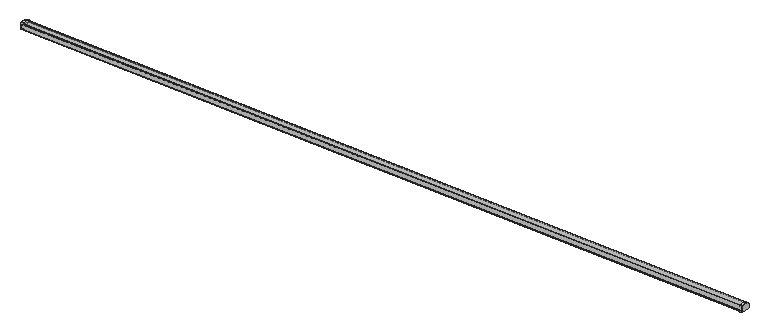
Revit family "3036880+3036931 Sylvania Lighting Fixture LUMISTRIP IP20 5M WW with LUMISTRIP ALU PROFILE OPAL 2-5M", category Lighting Fixtures, host Face, Revit 2017
Family settings
  Host = Face
  Round Connector Dimension = Use Diameter
  Part Type = Normal
  OmniClass Number = 23.80.70.00
  OmniClass Title = Lighting
  Cut with Voids When Loaded = No
  Light Source = Yes
  Shared = No
  Room Calculation Point = No
Parameters (values of type "3036880+3036931 LUMISTRIP IP20 5M WW with LUMISTRIP ALU PROFILE OPAL 2.5M")
  Weight = ""
  Wattage Comments = "n/a"
  Wattage = 0 W
  WarrantyStartDate [instance] = "n/a"
  WarrantyGuarantorParts = "n/a"
  WarrantyDurationUnit = "n/a"
  WarrantyDurationParts = "n/a"
  WarrantyDescription = "n/a"
  built-in parameter 1150110 = 1 (stored number, unit not read)
  Voltage = 24 V
  URL = "http://www.sylvania-lighting.com"
  TypeName = "LUMISTRIP IP20 5M WW with LUMISTRIP ALU PROFILE OPAL 2.5M"
  Type Image = <None>
  Type Comments = "n/a"
  built-in parameter 1114217 = 1 (stored number, unit not read)
  Tilt Angle = -90.00°
  built-in parameter 1150109 = 1 (stored number, unit not read)
  built-in parameter 1150134 = (empty or 0)
  built-in parameter 1150113 = 1 (stored number, unit not read)
  SerialNumber [instance] = "n/a"
  ReflectorMaterial = none
  PowerFactor = 0
  PowerConsumption = ""
  Photometric Web File = "3036880.ies"
  NominalLength = 5000 mm
  NominalHeight = 3 mm
  NominalDepth = 8 mm
  Name = "LUMISTRIP IP20 5M WW with LUMISTRIP ALU PROFILE OPAL 2.5M"
  ModelReference = Name  # "LUMISTRIP IP20 5M WW with LUMISTRIP ALU PROFILE OPAL 2.5M"
  ModelNumber = "3036880+3036931"
  Model = Name  # "LUMISTRIP IP20 5M WW with LUMISTRIP ALU PROFILE OPAL 2.5M"
  Material = "n/a"
  ManufacturerName = "Feilo Sylvania"
  Manufacturer = "Feilo Sylvania"
  LuminousEfficacy = "70.62 lm/W"
  built-in parameter 1150105 = (empty or 0)
  Lumens = 0 lm
  LuminaireType = ""
  built-in parameter 1150115 = 1 (stored number, unit not read)
  LightOutputRatio = "100"
  built-in parameter 1150137 = (empty or 0)
  built-in parameter 1150139 = (empty or 0)
  LampsType = Lamp  # "LED"
  LampNominalLuminous = ""
  LampMacAdamStep = "n/a"
  LampColourTemperature = "3000 K"
  LampColourRenderingIndex = "80"
  built-in parameter 1150112 = 1 (stored number, unit not read)
  built-in parameter 1150114 = 1 (stored number, unit not read)
  Lamp = "LED"
  Keynote = "16500"
  InstallationDate [instance] = "n/a"
  InputVoltage = "24V DC"
  InputNominalFrequency = "n/a"
  built-in parameter 1150132 = (empty or 0)
  built-in parameter 1150102 = (empty or 0)
  built-in parameter 1150107 = 3000 (stored number, unit not read)
  built-in parameter 1150138 = (empty or 0)
  IngressProtection = "IP20"
  ImpactProtectionIndex = "n/a"
  built-in parameter 1150106 = (empty or 0)
  IfcExportType = "IfcLightFixtureType"
  IfcExportAs = "IfcLightFixtureType"
  ExpectedLife = 50000
  EndCapOverhangL_FEILO = 6 mm
  EndCapOverhangR_FEILO = -EndCapOverhangL_FEILO  # -6 mm
  Emit from Rectangle Width = BodyWidth_FEILO  # 25 mm
  Emit from Rectangle Length = BodyLength_FEILO - 16 mm  # 2484 mm
  Emit Shape Visible in Rendering = no
  ElectricShockClassification = "Class III"
  built-in parameter 1150104 = 6.5608 (stored number, unit not read)
  DurationUnit = "hours"
  DocumentationLiterature = "http://www.sylvania-lighting.com/product/en-int/products/3036880"
  DimmingControlOptions = "n/a"
  Dimming Lamp Color Temperature Shift = <None>
  DiffuserMaterial = Diffuser-Sylvania-Lumistrip-Transparent
  DiffuserCutOff_FEILO = 8 mm
  Description = ""
  Default Elevation = 1219.2 mm
  CreatedOn = "6/22/2018"
  CreatedBy = ""
  Cost = 0
  Color Filter = 16777215
  built-in parameter 1114216 [instance] = (empty or 0)
  ClassificationValue = "EF_70_80"
  ClassificationName = "Uniclass2015"
  BodyWidth_FEILO = 25 mm
  BodyThickness_FEILO = 1.2 mm
  BodyMaterial = Body-Sylvania-Lumistrip-Aluminium
  BodyLength_FEILO = 2500 mm
  BodyHeight_FEILO = 18.5 mm
  BodyFilletBottom_FEILO = BodyThickness_FEILO  # 1.2 mm
  BodyFilletTop_FEILO = BodyThickness_FEILO / 2  # 0.6 mm
  BarCode [instance] = "n/a"
  built-in parameter 1114218 = 1 (stored number, unit not read)
  built-in parameter 1150133 = 10 (stored number, unit not read)
  AssetType = "Fixed"
  AssetIdentifier [instance] = "n/a"
  Assembly Code = "D5020200"
  Apparent Load = 24 VA
  AccessoryMaterial = Body-Sylvania-Lumistrip-PC
Reference planes
  plane 1 "Center (Front/Back)": y = 0
  plane 2: z = 0
  plane 3 "Center (Left/Right)": x = 0
  plane 4: x = 1250
  plane 5: x = -1250
  plane 6: y = 12.5
  plane 7: y = -12.5
  plane 8: z = 18.5
  plane 9: z = 17
  plane 10: x = -1248
  plane 11: x = 1248
  plane 12: y = -11.3
  plane 13: y = 11.3
  plane 14: z = 1.2
  plane 15: z = 16.4
  plane 16: x = -1242
  plane 17: x = 1242
  plane 18: z = 15
Forms (mm)
  Extrusion 1, solid, material "Body-Sylvania-Lumistrip-Aluminium" <- "BodyMaterial"
    sketch origin (0, 0, 0) x (0, 1, 0) y (0, 0, 1)
      loop
        arc (11.3, 0) -> (12.149, 0.351) -> (12.5, 1.2) r 1.2
        line (12.5, 1.2) -> (12.5, 16.4)
        arc (12.5, 16.4) -> (11.9, 17) -> (11.3, 16.4) r 0.6
        line (11.3, 16.4) -> (11.3, 1.2) -> (-11.3, 1.2) -> (-11.3, 16.4)
        arc (-11.3, 16.4) -> (-11.9, 17) -> (-12.5, 16.4) r 0.6
        line (-12.5, 16.4) -> (-12.5, 1.2)
        arc (-12.5, 1.2) -> (-12.149, 0.351) -> (-11.3, 0) r 1.2
        line (-11.3, 0) -> (11.3, 0)
    from -1248 to 1248
  Extrusion 2, solid, material "Diffuser-Sylvania-Lumistrip-Transparent" <- "DiffuserMaterial"
    sketch origin (0, 0, 0) x (0, 1, 0) y (0, 0, 1)
      loop
        line (-11.3, 16.4) -> (-11.3, 15) -> (11.3, 15) -> (11.3, 16.4)
        arc (11.3, 16.4) -> (0, 18.5) -> (-11.3, 16.4) r 31.452
    from -1242 to 1242
  Extrusion 3, solid, material "Body-Sylvania-Lumistrip-PC" <- "AccessoryMaterial"
    sketch origin (-1250, 1524, 1219.2) x (0, 1, 0) y (0, 0, 1)
      loop
        arc (-1512.274, -1202.968) -> (-1524.257, -1200.701) -> (-1536.202, -1203.163) r 31.452
        arc (-1536.202, -1203.163) -> (-1536.423, -1203.532) -> (-1536.5, -1203.955) r 1.2
        line (-1536.5, -1203.955) -> (-1536.5, -1218)
        arc (-1536.5, -1218) -> (-1536.149, -1218.849) -> (-1535.3, -1219.2) r 1.2
        line (-1535.3, -1219.2) -> (-1512.7, -1219.2)
        arc (-1512.7, -1219.2) -> (-1511.851, -1218.849) -> (-1511.5, -1218) r 1.2
        line (-1511.5, -1218) -> (-1511.5, -1204.112)
        arc (-1511.5, -1204.112) -> (-1511.712, -1203.422) -> (-1512.274, -1202.968) r 1.234
    from 0 to 2
  Extrusion 4, solid, material "Body-Sylvania-Lumistrip-PC" <- "AccessoryMaterial"
    sketch origin (-1248, 1524, 1219.2) x (0, 1, 0) y (0, 0, 1)
      loop
        line (-1535.3, -1204.2) -> (-1512.7, -1204.2) -> (-1512.7, -1202.8)
        arc (-1512.7, -1202.8) -> (-1524, -1200.7) -> (-1535.3, -1202.8) r 31.452
        line (-1535.3, -1202.8) -> (-1535.3, -1204.2)
    from 0 to 6 <- "EndCapOverhangL_FEILO"
  Extrusion 5, solid, material "Body-Sylvania-Lumistrip-PC" <- "AccessoryMaterial"
    sketch origin (1250, 1524, 1219.2) x (0, 1, 0) y (0, 0, 1)
      loop
        line (-1535.3, -1219.2) -> (-1512.7, -1219.2)
        arc (-1512.7, -1219.2) -> (-1511.851, -1218.849) -> (-1511.5, -1218) r 1.2
        line (-1511.5, -1218) -> (-1511.5, -1204.09)
        arc (-1511.5, -1204.09) -> (-1511.706, -1203.418) -> (-1512.252, -1202.977) r 1.2
        arc (-1512.252, -1202.977) -> (-1524, -1200.7) -> (-1535.748, -1202.977) r 31.452
        arc (-1535.748, -1202.977) -> (-1536.294, -1203.418) -> (-1536.5, -1204.09) r 1.2
        line (-1536.5, -1204.09) -> (-1536.5, -1218)
        arc (-1536.5, -1218) -> (-1536.149, -1218.849) -> (-1535.3, -1219.2) r 1.2
    from 0 to -2
  Extrusion 6, solid, material "Body-Sylvania-Lumistrip-PC" <- "AccessoryMaterial"
    sketch origin (1248, 1524, 1219.2) x (0, 1, 0) y (0, 0, 1)
      loop
        line (-1535.3, -1204.2) -> (-1512.7, -1204.2) -> (-1512.7, -1202.8)
        arc (-1512.7, -1202.8) -> (-1524, -1200.7) -> (-1535.3, -1202.8) r 31.452
        line (-1535.3, -1202.8) -> (-1535.3, -1204.2)
    from 0 to -6 <- "EndCapOverhangR_FEILO"
Cuts and joins
  joined: Extrusion 3, Extrusion 4
  joined: Extrusion 5, Extrusion 6
Dimensions and locks
  "BodyLength_FEILO": plane 5 to plane 4
  equal spacing: plane 5, plane 3 "Center (Left/Right)", plane 4
  "BodyWidth_FEILO": plane 7 to plane 6
  plane 7 to plane 6 = 25 mm
  "BodyHeight_FEILO": plane 8 to plane 2
  locked: plane 9 to plane 8 at 1.5
  equal spacing: plane 10, plane 3 "Center (Left/Right)", plane 11
  locked: plane 5 to plane 10 at 2
  equal spacing: plane 12, plane 1 "Center (Front/Back)", plane 13
  "BodyThickness_FEILO": plane 7 to plane 12
  "BodyThickness_FEILO": plane 14 to plane 2
  "BodyFilletTop_FEILO": plane 15 to plane 9
  "BodyFilletTop_FEILO": plane 7 to Extrusion 1 sketch curve
  "BodyFilletTop_FEILO": plane 13 to Extrusion 1 sketch curve
  equal spacing: plane 16, plane 3 "Center (Left/Right)", plane 17
  "DiffuserCutOff_FEILO": plane 5 to plane 16
  locked: plane 18 to plane 9 at 2
  locked: Extrusion 2 sketch curve to plane 8 at 31.452
  "BodyFilletBottom_FEILO": radius of Extrusion 1 sketch curve  (x2)
  "BodyFilletBottom_FEILO": radius of Extrusion 3 sketch curve  (x3)
  radius of Extrusion 3 sketch curve = 1.234 mm
  "BodyFilletBottom_FEILO": radius of Extrusion 5 sketch curve  (x4)
  aligned and locked: plane 2 to host face
  aligned and locked: level to host face
  aligned and locked: level to Extrusion 1 sketch curve
  aligned and locked: plane 12 to Extrusion 1 sketch curve  (x2)
  aligned and locked: plane 14 to Extrusion 1 sketch curve
  aligned and locked: plane 6 to Extrusion 1 sketch curve
  aligned and locked: plane 11 to Extrusion 1
  aligned and locked: Extrusion 1 to plane 10
  aligned and locked: plane 15 to Extrusion 1 sketch curve  (x6)
  aligned and locked: Extrusion 1 sketch curve to plane 7
  aligned and locked: Extrusion 1 sketch curve to plane 13
  aligned and locked: Extrusion 1 to Extrusion 2 sketch curve
  aligned and locked: plane 18 to Extrusion 2 sketch curve
  aligned and locked: Extrusion 2 sketch curve to plane 13
  aligned and locked: plane 1 "Center (Front/Back)" to Extrusion 2 sketch curve
  aligned and locked: plane 17 to Extrusion 2
  aligned and locked: Extrusion 2 to plane 16
  aligned and locked: Extrusion 3 sketch curve to Extrusion 2
  aligned and locked: Extrusion 1 to Extrusion 3 sketch curve  (x3)
  aligned and locked: plane 10 to Extrusion 3
  aligned and locked: Extrusion 3 to plane 5
  aligned and locked: Extrusion 4 sketch curve to Extrusion 2  (x4)
  aligned and locked: Extrusion 4 to plane 10
  aligned and locked: Extrusion 5 sketch curve to plane 6
  aligned and locked: Extrusion 5 sketch curve to level
  aligned and locked: Extrusion 5 sketch curve to Extrusion 2
  aligned and locked: Extrusion 5 to plane 11
  aligned and locked: plane 4 to Extrusion 5
  aligned and locked: Extrusion 6 sketch curve to cut or joined group of Extrusion 3, Extrusion 4  (x4)
  aligned and locked: plane 11 to Extrusion 6
  aligned and locked: imposter light to plane 8
  aligned and locked: imposter light to plane 1 "Center (Front/Back)"
  aligned and locked: plane 3 "Center (Left/Right)" to imposter light
Automatic sketch dimensions
  host sketch curve to host sketch curve = 2438.4 mm  (x2)
  plane 15 to Extrusion 2 sketch curve = 0 mm
  Extrusion 3 sketch curve to plane 18 = 0.088 mm
  Extrusion 3 sketch curve to plane 18 = 0.245 mm
  Extrusion 5 sketch curve to plane 7 = 0 mm
  Extrusion 5 sketch curve to plane 18 = 0.11 mm  (x2)
Connectors
  electrical at (0, 0, 0), driven by "Apparent Load", driven by "PowerFactor", driven by "Voltage"
    settings: index 1, voltage 24 V, apparent load 24 VA, apparent load phase1 0 VA, apparent load phase2 0 VA, apparent load phase3 0 VA, power factor 0, load classification "Lighting", number of poles 1, system type 30, power factor state 1, is connector primary yes, connector utility no, sub classification motor no, connector description ""
